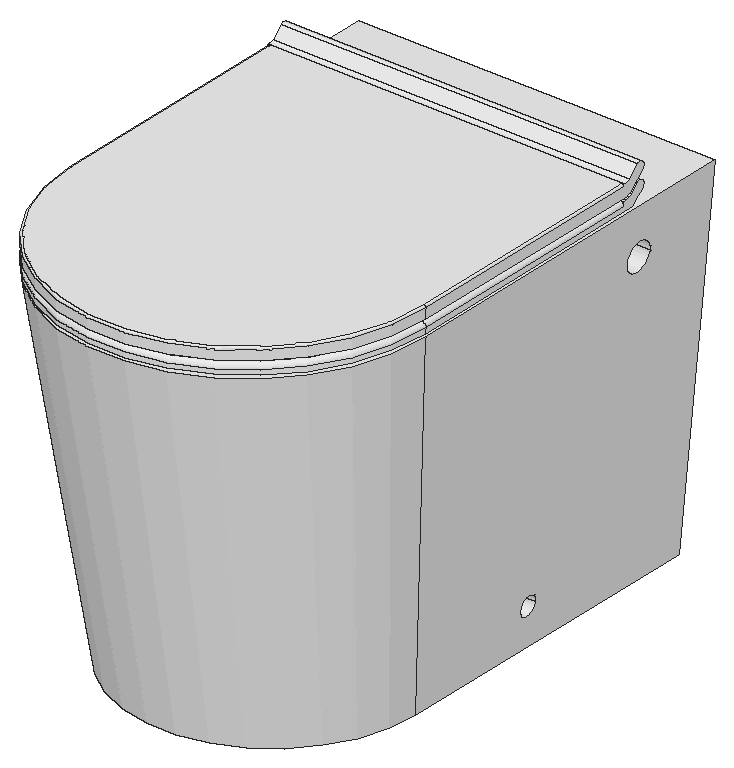
Revit family "Reece_Toilet_Kado_Lux_Pan Back to Wall", category Plumbing Fixtures, Revit 2018
Family settings
  Round Connector Dimension = Use Diameter
  Part Type = Normal
  Work Plane-Based = No
  Always vertical = Yes
  Cut with Voids When Loaded = No
  Shared = No
  Room Calculation Point = No
Parameters (values of type "Soft Close Quick Release Thin_White")
  URL = "https://www.reece.com.au/product/-1805499"
  Type Comments = "Toilet"
  Reece_Seat_Visibility = yes
  Reece_Seat-Type = Reece_Seat_Kado Lux_Thin_Nested : Reece_140 Axis Distance 455x360
  Reece_Seat_Height = 370 mm
  Reece_S_Trap = 102 mm  # constant formula
  Reece_Product_Type = "Toilet"  # constant formula
  Reece_Product_Web Page = "https://www.reece.com.au/product/-1805499"
  Reece_Product_Sub Brand = "Lux"
  Reece_Product_Number = "1805499"
  Reece_Product_Mount = "Back to Wall"
  Reece_Product_Description = "Kado Lux Back To Wall Rimless Back to Wall Pan with Thin Soft Close Quick Release Seat (4 Star)"
  Reece_Product_Brand = "Kado"
  Reece_P_Trap = 102 mm  # constant formula
  Reece_Overall_Width = 360 mm  # constant formula
  Reece_Overall_Length = 545 mm
  Reece_Overall_Height = 370 mm
  Reece_Material_Secondary = Reece_Brass_Chrome
  Reece_Material_Seat = Reece_Acrylic_White
  Reece_Material-Main = Reece_Vitreous China_White
  Reece_Material_Cistern = Reece_Vitreous China_White
  Reece_Detail_Installation = ""
  Reece_Detail_Disclaimer = "THIS FILE IS THE PROPERTY OF THE REECE GROUP. IT MAY NOT BE REPRODUCED, REVERSE-ENGINEERED, OR MODIFIED. ANY REPUBLICATION, TRANSMISSION, OR DISTRIBUTION FOR THE PURPOSE OF COMMERCIALLY EXPLOITING THE FILES IS PROHIBITED."  # constant formula
  Reece_Detail_Connector = "P Trap / S Trap"
  Reece_Detail_Additional = "Rimless"
  Reece_Bottom_Inlet = 30 mm  # constant formula
  Reece_Back_Inlet = 0 mm  # constant formula
  Reece_Back Distance = 90 mm
  Model = "Lux"
  Manufacturer = "Kado"
  Keynote = "Product #1805499, Reece_Toilet_Kado_Lux_Pan Back to Wall - Soft Close Quick Release Thin_White"
  Disclaimer = "THIS FILE IS THE PROPERTY OF THE REECE GROUP. IT MAY NOT BE REPRODUCED, REVERSE-ENGINEERED, OR MODIFIED. ANY REPUBLICATION, TRANSMISSION, OR DISTRIBUTION FOR THE PURPOSE OF COMMERCIALLY EXPLOITING THE FILES IS PROHIBITED."  # constant formula
  Description = "Kado Lux Back To Wall Rimless Back to Wall Pan with Thin Soft Close Quick Release Seat (4 Star)"
Types (4, lengths in mm): name | URL | Reece_Seat-Type | Reece_Seat_Height | Reece_Product_Web Page | Reece_Product_Number | Reece_Product_Description | Reece_Overall_Length | Reece_Overall_Height | Reece_Detail_Installation | Reece_Back Distance | Keynote | Description
  Soft Close Quick Release_White | "https://www.reece.com.au/product/-1805498" | Reece_Seat_Kado Lux_Standard_Nested : Reece_140 Axis Distance 455x360 | 370 | "https://www.reece.com.au/product/-1805498" | "1805498" | "Kado Lux Back To Wall Rimless Pan with Soft Close Quick Release Seat (4 Star)" | 545 | 370 | "" | 90 | "Product #1805498, Reece_Toilet_Kado_Lux_Pan Back to Wall - Soft Close Quick Release_White" | "Kado Lux Back To Wall Rimless Pan with Soft Close Quick Release Seat (4 Star)"
  Soft Close Quick Release Thin_White | "https://www.reece.com.au/product/-1805499" | Reece_Seat_Kado Lux_Thin_Nested : Reece_140 Axis Distance 455x360 | 370 | "https://www.reece.com.au/product/-1805499" | "1805499" | "Kado Lux Back To Wall Rimless Back to Wall Pan with Thin Soft Close Quick Release Seat (4 Star)" | 545 | 370 | "" | 90 | "Product #1805499, Reece_Toilet_Kado_Lux_Pan Back to Wall - Soft Close Quick Release Thin_White" | "Kado Lux Back To Wall Rimless Back to Wall Pan with Thin Soft Close Quick Release Seat (4 Star)"
  Soft Close Quick Release_Overheight_White | "https://www.reece.com.au/product/-1805496" | Reece_Seat_Kado Lux_Standard_Nested : Reece_140 Axis Distance 455x360 | 440 | "https://www.reece.com.au/product/-1805496" | "1805496" | "Kado Lux Back To Wall Rimless Overheight Pan with Soft Close Quick Release Seat (4 Star)" | 565 | 440 | "Overheight" | 110 | "Product #1805496, Reece_Toilet_Kado_Lux_Pan Back to Wall - Soft Close Quick Release_Overheight_White" | "Kado Lux Back To Wall Rimless Overheight Pan with Soft Close Quick Release Seat (4 Star)"
  Soft Close Quick Release Overheight Thin_White | "https://www.reece.com.au/product/-1805497" | Reece_Seat_Kado Lux_Thin_Nested : Reece_140 Axis Distance 455x360 | 440 | "https://www.reece.com.au/product/-1805497" | "1805497" | "Kado Lux Back To Wall Rimless Overheight Back to Wall Pan with Thin Soft Close Quick Release Seat (4 Star)" | 565 | 440 | "Overheight" | 110 | "Product #1805497, Reece_Toilet_Kado_Lux_Pan Back to Wall - Soft Close Quick Release Overheight Thin_White" | "Kado Lux Back To Wall Rimless Overheight Back to Wall Pan with Thin Soft Close Quick Release Seat (4 Star)"
Reference planes
  plane 1: y = 52.5
  plane 2: z = 0
  plane 3 "Center (Left/Right)": x = 0
  plane 4 "Center (Front/Back)": y = 325
  plane 5: z = 370
  plane 6: z = 250
  plane 7: z = 180
  plane 8: x = -70
  plane 9: x = 70
  plane 10: z = 320
  plane 11: y = 235
  plane 12: z = 480
  plane 13: y = -220
  plane 14: x = -180
  plane 15: x = 180
Forms (mm)
  SweptBlend 1, solid, material "Reece_Vitreous China_White" <- "Reece_Material-Main"
    path origin (0, 0, 0) x (0, 1, 0) y (0, 0, 1)
      loop
        line (325, 370) -> (325, 0)
    profile origin (0, 325, 370) x (1, 0, 0) y (0, 1, 0)
      loop
        line (180, -365) -> (180, 0) -> (-180, 0) -> (-180, -365)
        arc (-180, -365) -> (0, -545) -> (180, -365) r 180
    end profile origin (0, 325, 0) x (1, 0, 0) y (0, 1, 0)
      loop
        line (143.477, -331.523) -> (143.477, 0) -> (-143.477, 0) -> (-143.477, -331.523)
        arc (-143.477, -331.523) -> (0, -475) -> (143.477, -331.523) r 143.477
  Extrusion 2, void
    sketch origin (0, 0, 0) x (0, 1, 0) y (0, 0, 1)
      loop
        circle (130, 40) r 10
    from 75 to 197.5
  Extrusion 3, void
    sketch origin (-272.5, 0, 0) x (0, 1, 0) y (0, 0, 1)
      loop
        circle (130, 40) r 10
    from 75 to 197.5
  SweptBlend 4, void
    path origin (0, 85, 0) x (0, 1, 0) y (0, 0, 1)
      loop
        line (52.791, 370) -> (52.791, 180)
    profile origin (0, 137.791, 370) x (1, 0, 0) y (0, 1, 0)
      loop
        line (-156.014, -33.584) -> (-156.014, -127.791)
        arc (-156.014, -127.791) -> (0, -283.805) -> (156.014, -127.791) r 156.014
        line (156.014, -127.791) -> (156.014, -33.584)
        arc (156.014, -33.584) -> (147.881, 2.699) -> (125.039, 32.039) r 85
        arc (125.039, 32.039) -> (0, 76.887) -> (-125.039, 32.039) r 196.731
        arc (-125.039, 32.039) -> (-147.881, 2.699) -> (-156.014, -33.584) r 85
    end profile origin (0, 137.791, 180) x (1, 0, 0) y (0, 1, 0)
      loop
        arc (32.929, 21.109) -> (0, 26.887) -> (-32.929, 21.109) r 96.731
        arc (-32.929, 21.109) -> (-49.667, 8.299) -> (-56.014, -11.8) r 35
        line (-56.014, -11.8) -> (-56.014, -77.791)
        arc (-56.014, -77.791) -> (0, -133.805) -> (56.014, -77.791) r 56.014
        line (56.014, -77.791) -> (56.014, -11.8)
        arc (56.014, -11.8) -> (49.667, 8.299) -> (32.929, 21.109) r 35
  Extrusion 5, void
    sketch origin (0, 52.5, 0) x (1, 0, 0) y (0, 0, 1)
      loop
        circle (0, 180) r 51
    from -272.5 to -209.941
  Extrusion 6, void
    sketch origin (0, 397.5, -37.5) x (0, -1, 0) y (1, 0, 0)
      loop
        circle (210, 0) r 51
    from 37.5 to 117.5
  Extrusion 7, void
    sketch origin (0, 0, 0) x (0, 1, 0) y (0, 0, 1)
      loop
        circle (235, 320) r 15
    from 143.477 to 197.5
  Extrusion 8, void
    sketch origin (0, 0, 0) x (0, 1, 0) y (0, 0, -1)
      loop
        circle (235, -320) r 15
    from 143.477 to 197.5
Cuts and joins
  Extrusion 2, Extrusion 3, SweptBlend 4, Extrusion 5, Extrusion 6, Extrusion 7, Extrusion 8 cuts SweptBlend 1
Dimensions and locks
  "Reece_Overall_Length": plane 4 "Center (Front/Back)" to plane 13
  "Reece_Overall_Width": plane 14 to plane 15
  equal spacing: plane 14, plane 3 "Center (Left/Right)", plane 15
  locked: SweptBlend 1 sketch curve to plane 13 at 0
  "Reece_Seat_Height": plane 5 to plane 2
  locked: plane 5 to plane 10 at 50
  "Reece_Back Distance": plane 4 "Center (Front/Back)" to plane 11
  equal spacing: plane 4 "Center (Front/Back)", plane 1, plane 13
  aligned and locked: level to plane 2
  aligned and locked: SweptBlend 1 to Extrusion 7
  aligned and locked: SweptBlend 1 to Extrusion 8
  aligned and locked: plane 5 to SweptBlend 1 sketch curve
  aligned and locked: plane 2 to SweptBlend 1 sketch curve
  aligned and locked: plane 11 to nested 1
  aligned and locked: plane 3 "Center (Left/Right)" to nested 1
  aligned and locked: plane 4 "Center (Front/Back)" to Extrusion 5
Automatic sketch dimensions
  SweptBlend 1 sketch curve to plane 4 "Center (Front/Back)" = 0 mm
  profile plane to SweptBlend 1 sketch curve = 0 mm  (x2)
  SweptBlend 1 sketch curve to plane 3 "Center (Left/Right)" = 0 mm  (x2)
  SweptBlend 1 sketch curve to plane 3 "Center (Left/Right)" = 143.477 mm
  level to Extrusion 2 sketch curve = 40 mm
  level to Extrusion 3 sketch curve = 40 mm
  SweptBlend 4 sketch curve to plane 7 = 0 mm
  SweptBlend 4 sketch curve to plane 5 = 0 mm
  SweptBlend 4 sketch curve to plane 3 "Center (Left/Right)" = 0 mm  (x4)
  profile plane to SweptBlend 4 sketch curve = 33.584 mm  (x2)
  SweptBlend 4 sketch curve to plane 3 "Center (Left/Right)" = 71.014 mm
  SweptBlend 4 sketch curve to SweptBlend 4 sketch curve = 85 mm
  plane 3 "Center (Left/Right)" to SweptBlend 4 sketch curve = 71.014 mm
  SweptBlend 4 sketch curve to SweptBlend 4 sketch curve = 86.26 mm
  SweptBlend 4 sketch curve to SweptBlend 4 sketch curve = 94.207 mm
  SweptBlend 4 sketch curve to SweptBlend 4 sketch curve = 0 mm  (x2)
  profile plane to SweptBlend 4 sketch curve = 11.8 mm  (x2)
  SweptBlend 4 sketch curve to plane 3 "Center (Left/Right)" = 21.014 mm
  SweptBlend 4 sketch curve to SweptBlend 4 sketch curve = 35 mm
  plane 3 "Center (Left/Right)" to SweptBlend 4 sketch curve = 21.014 mm
  SweptBlend 4 sketch curve to SweptBlend 4 sketch curve = 58.044 mm
  SweptBlend 4 sketch curve to SweptBlend 4 sketch curve = 7.946 mm
  Extrusion 5 sketch curve to plane 3 "Center (Left/Right)" = 0 mm
  Extrusion 5 sketch curve to plane 7 = 0 mm
  Extrusion 6 sketch curve to plane 3 "Center (Left/Right)" = 0 mm
  Extrusion 6 sketch curve to plane 11 = 47.5 mm
  Extrusion 7 sketch curve to plane 10 = 0 mm
  Extrusion 7 sketch curve to plane 11 = 0 mm
  Extrusion 8 sketch curve to plane 10 = 0 mm
  Extrusion 8 sketch curve to plane 11 = 0 mm
  SweptBlend 1 sketch curve to plane 3 "Center (Left/Right)" = 180 mm
  Extrusion 2 sketch curve to plane 11 = 105 mm
  Extrusion 3 sketch curve to plane 11 = 105 mm
  SweptBlend 4 sketch curve to plane 1 = 85.291 mm
  profile plane to SweptBlend 1 sketch curve = 331.523 mm
  radius of Extrusion 2 sketch curve = 10 mm
  radius of Extrusion 3 sketch curve = 10 mm
  radius of Extrusion 5 sketch curve = 51 mm
  radius of Extrusion 6 sketch curve = 51 mm
  radius of Extrusion 7 sketch curve = 15 mm
  radius of Extrusion 8 sketch curve = 15 mm
Nested families
  nested 1: "Reece_Seat_Kado Lux_Thin_Nested" at (0, 209.963, 370), type <- "Reece_Seat-Type", Reece_Material_Seat <- "Reece_Material_Seat", type "Reece_140 Axis Distance 455x360"
    with Reece_Material_Seat Reece_Acrylic_White
Connectors
  piping at (0, 262.441, 180), diameter 102, driven by "Reece_P_Trap"
    settings: on cut or joined group of SweptBlend 1, Extrusion 2, Extrusion 3, SweptBlend 4, Extrusion 5, Extrusion 6, Extrusion 7, Extrusion 8, index 1, connector inside diameter 609.6 mm, connector length 0 mm, flow factor 0, pipe flow 0.0 L/s, pressure drop 0.0 Pa, fitting loss kfactor 0, connector angle 0.00°, fixture units 0, engagement length 0 mm, angle of deflection 0.00°, flow configuration 0, flow direction 0, fitting loss method 0, system type 7, joint type 0, gender type 0, connector reference index -1, connector utility 0, adjustable connector no, is connector primary yes, connector description ""
  piping at (0, 187.5, 80), diameter 102, driven by "Reece_S_Trap"
    settings: on cut or joined group of SweptBlend 1, Extrusion 2, Extrusion 3, SweptBlend 4, Extrusion 5, Extrusion 6, Extrusion 7, Extrusion 8, index 2, connector inside diameter 609.6 mm, connector length 0 mm, flow factor 0, pipe flow 0.0 L/s, pressure drop 0.0 Pa, fitting loss kfactor 0, connector angle 0.00°, fixture units 0, engagement length 0 mm, angle of deflection 0.00°, flow configuration 0, flow direction 0, fitting loss method 0, system type 7, joint type 0, gender type 0, connector reference index -1, connector utility 0, adjustable connector no, is connector primary no, connector description ""
  piping at (-143.477, 235, 320), diameter 30, driven by "Reece_Bottom_Inlet"
    settings: on cut or joined group of SweptBlend 1, Extrusion 2, Extrusion 3, SweptBlend 4, Extrusion 5, Extrusion 6, Extrusion 7, Extrusion 8, index 4, connector inside diameter 609.6 mm, connector length 0 mm, flow factor 0, pipe flow 0.0 L/s, pressure drop 0.0 Pa, fitting loss kfactor 0, connector angle 0.00°, fixture units 0, engagement length 0 mm, angle of deflection 0.00°, flow configuration 0, flow direction 0, fitting loss method 0, system type 7, joint type 0, gender type 0, connector reference index -1, connector utility 0, adjustable connector no, is connector primary no, connector description ""
  piping at (143.477, 235, 320), diameter 30, driven by "Reece_Bottom_Inlet"
    settings: on cut or joined group of SweptBlend 1, Extrusion 2, Extrusion 3, SweptBlend 4, Extrusion 5, Extrusion 6, Extrusion 7, Extrusion 8, index 5, connector inside diameter 609.6 mm, connector length 0 mm, flow factor 0, pipe flow 0.0 L/s, pressure drop 0.0 Pa, fitting loss kfactor 0, connector angle 0.00°, fixture units 0, engagement length 0 mm, angle of deflection 0.00°, flow configuration 0, flow direction 0, fitting loss method 0, system type 7, joint type 0, gender type 0, connector reference index -1, connector utility 0, adjustable connector no, is connector primary no, connector description ""
Definition of nested family "Reece_Seat_Kado Lux_Thin_Nested"
  Parameters (values of type "Reece_140 Axis Distance 455x360")
    WFU = 0  # constant formula
    Reece_Product_Web Page = ""
    Reece_Product_Number = ""
    Reece_Product_Mount = ""
    Reece_Product_Description = ""
    Reece_Product_Brand = ""
    Reece_Product_Sub Brand = ""
    Reece_Overall_Width = 360 mm
    Reece_Overall-Radius = 0 mm
    Reece_Overall_Length = 455 mm
    Reece_Overall_Height = 0 mm
    Reece_Overall-Diameter = 0 mm
    Reece_Material_Seat [instance] = none
    Reece_Detail_Installation = ""
    Reece_Detail_Connector = ""
    Reece_Detail_Additional = ""
    Reece_Axis Distance = 140 mm
    HWFU = 0  # constant formula
    Default Elevation = 1000 mm
    CWFU = 0  # constant formula
  Reference planes
    plane 1 "Center (Front/Back)": y = 0
    plane 2: z = 0
    plane 3 "Center (Left/Right)": x = 0
    plane 4: x = -70
    plane 5: x = 70
    plane 6: y = -429.963
    plane 7: y = 25.037
    plane 8: z = 28
    plane 9: z = 40
    plane 10: x = -180
    plane 11: x = 180
    plane 12: y = -388.477
  Forms (mm)
    Extrusion 1, solid
      sketch origin (619.2, -619.2, 0) x (1, 0, 0) y (0, 1, 0)
        loop
          line (-1119.2, 819.2) -> (-1119.2, 3.223) -> (-118.279, 3.223) -> (-118.279, 819.2) -> (-1119.2, 819.2)
      from 0 to -30
    Sweep 2, solid, material <- "Reece_Material_Seat"
      path origin (0, -104.963, -400) x (1, 0, 0) y (0, 1, 0)
        loop
          line (180, 104.963) -> (180, -145)
          arc (180, -145) -> (0, -325) -> (-180, -145) r 180
          line (-180, -145) -> (-180, 104.963)
      profile origin (180, 0, -400) x (1, 0, 0) y (0, 0, 1)
        loop
          line (0, 403) -> (0, 408)
          arc (0, 408) -> (-1.464, 411.536) -> (-5, 413) r 5
          line (-5, 413) -> (-41.486, 413) -> (-41.486, 403) -> (0, 403)
        loop
          line (0, 416.005) -> (0, 426)
          arc (0, 426) -> (-0.586, 427.414) -> (-2, 428) r 2
          line (-2, 428) -> (-41.486, 428) -> (-41.486, 416.005) -> (0, 416.005)
    Extrusion 3, solid, material <- "Reece_Material_Seat"
      sketch origin (0, -104.963, -400) x (1, 0, 0) y (0, 1, 0)
        loop
          circle (-70, 104.963) r 20
        loop
          circle (70, 105.264) r 20
      from 400 to 413.005
    Extrusion 4, solid, material <- "Reece_Material_Seat"
      sketch origin (0, 0, 0) x (0, 1, 0) y (0, 0, 1)
        loop
          line (0, 16.005) -> (3.431, 16.005)
          arc (3.431, 16.005) -> (5.535, 16.392) -> (7.364, 17.502) r 5.914
          line (7.364, 17.502) -> (23.668, 32.019)
          arc (23.668, 32.019) -> (24.05, 38.608) -> (17.46, 38.991) r 4.668
          line (17.46, 38.991) -> (7.391, 30.025)
          arc (7.391, 30.025) -> (4.917, 28.523) -> (2.071, 28) r 8
          line (2.071, 28) -> (0, 28) -> (0, 16.005)
        loop
          line (17.46, 21.97) -> (10.228, 15.531)
          arc (10.228, 15.531) -> (7.136, 13.654) -> (3.578, 13) r 10
          line (3.578, 13) -> (0, 13) -> (0, 3) -> (4.482, 3)
          arc (4.482, 3) -> (9.818, 3.981) -> (14.457, 6.797) r 15
          line (14.457, 6.797) -> (23.668, 14.998)
          arc (23.668, 14.998) -> (24.05, 21.588) -> (17.46, 21.97) r 4.668
      from -180 to 180
    Extrusion 5, solid, material <- "Reece_Material_Seat"
      sketch origin (0, 0, 0) x (1, 0, 0) y (0, 1, 0)
        loop
          arc (-138.514, -249.963) -> (0, -388.477) -> (138.514, -249.963) r 138.514
          line (138.514, -249.963) -> (138.514, 0) -> (-138.514, 0) -> (-138.514, -249.963)
      from 16.005 to 28
  Cuts and joins
    joined: Sweep 2, Extrusion 4, Extrusion 5
  Text (mm)
    text "Reece Copyright © 2018, Reece Ltd." at (-1403.988, -1192.393, 0), in view "Ref. Level"
    text "Reece ©" at (89.411, 471.952, 360.32), in view "Reece Preview"
  Dimensions and locks
    locked: plane 6 to Sweep 2 sketch curve at 0
    plane 8 to level = 28 mm
    "Reece_Overall_Width": plane 10 to plane 11
    "Reece_Axis Distance": plane 4 to plane 5
    "Reece_Overall_Length": plane 7 to plane 6
    equal spacing: plane 10, plane 3 "Center (Left/Right)", plane 11
    locked: plane 12 to plane 6 at 41.486
    equal spacing: plane 4, plane 3 "Center (Left/Right)", plane 5
    aligned and locked: plane 2 to Extrusion 1
    aligned and locked: level to Extrusion 1
    aligned and locked: plane 1 "Center (Front/Back)" to Sweep 2 sketch curve  (x2)
    aligned and locked: plane 11 to Sweep 2 sketch curve
    aligned and locked: Sweep 2 sketch curve to plane 10
    aligned and locked: Sweep 2 to Extrusion 4
    aligned and locked: Extrusion 4 to Sweep 2
    aligned and locked: Extrusion 5 sketch curve to cut or joined group of Sweep 2, Extrusion 4, Extrusion 5  (x2)
    aligned and locked: cut or joined group of Sweep 2, Extrusion 4, Extrusion 5 to Extrusion 5 sketch curve
    aligned and locked: cut or joined group of Sweep 2, Extrusion 4, Extrusion 5 to Extrusion 5  (x2)
    aligned and locked: Sweep 2 sketch curve to plane 11  (x2)
  Automatic sketch dimensions
    Extrusion 1 sketch curve to Extrusion 1 sketch curve = 1000.921 mm
    Extrusion 1 sketch curve to Extrusion 1 sketch curve = 815.977 mm
    Extrusion 3 sketch curve to plane 1 "Center (Front/Back)" = 0 mm
    Extrusion 3 sketch curve to plane 4 = 0 mm
    Extrusion 3 sketch curve to plane 1 "Center (Front/Back)" = 0.301 mm
    Extrusion 3 sketch curve to Extrusion 3 sketch curve = 140 mm
    Extrusion 4 sketch curve to plane 1 "Center (Front/Back)" = 0 mm  (x2)
    Extrusion 4 sketch curve to plane 8 = 0 mm
    Extrusion 4 sketch curve to plane 1 "Center (Front/Back)" = 2.071 mm
    Extrusion 4 sketch curve to Extrusion 4 sketch curve = 3.431 mm
    Extrusion 4 sketch curve to Extrusion 4 sketch curve = 0.147 mm
    Extrusion 4 sketch curve to plane 1 "Center (Front/Back)" = 4.482 mm
    Extrusion 4 sketch curve to Extrusion 4 sketch curve = 2.882 mm
    plane 8 to Extrusion 4 sketch curve = 2.025 mm
    Extrusion 4 sketch curve to Extrusion 4 sketch curve = 5.32 mm
    Extrusion 4 sketch curve to Extrusion 4 sketch curve = 2.865 mm
    level to Extrusion 4 sketch curve = 6.797 mm
    Extrusion 4 sketch curve to Extrusion 4 sketch curve = 4.228 mm
    Extrusion 4 sketch curve to plane 7 = 7.577 mm  (x2)
    Extrusion 4 sketch curve to plane 9 = 1.009 mm
    Extrusion 4 sketch curve to plane 7 = 4.473 mm  (x2)
    Extrusion 4 sketch curve to plane 7 = 1.369 mm  (x2)
    level to Extrusion 4 sketch curve = 3 mm
    Extrusion 4 sketch curve to Extrusion 4 sketch curve = 5 mm
    Extrusion 4 sketch curve to Extrusion 4 sketch curve = 3.005 mm
    Extrusion 4 sketch curve to Extrusion 4 sketch curve = 0.498 mm
    Extrusion 4 sketch curve to Extrusion 4 sketch curve = 3.486 mm
    plane 8 to Extrusion 4 sketch curve = 4.019 mm
    Extrusion 4 sketch curve to Extrusion 4 sketch curve = 8.201 mm
    Extrusion 4 sketch curve to Extrusion 4 sketch curve = 1.971 mm
    profile plane to Sweep 2 sketch curve = 2 mm
    Sweep 2 sketch curve to Sweep 2 sketch curve = 5 mm  (x2)
    Sweep 2 sketch curve to Sweep 2 sketch curve = 36.486 mm
    Sweep 2 sketch curve to Sweep 2 sketch curve = 0 mm
    profile plane to Sweep 2 sketch curve = 403 mm
    Sweep 2 sketch curve to Sweep 2 sketch curve = 3.005 mm
    Sweep 2 sketch curve to Sweep 2 sketch curve = 9.995 mm
    radius of Extrusion 3 sketch curve = 20 mm  (x2)
